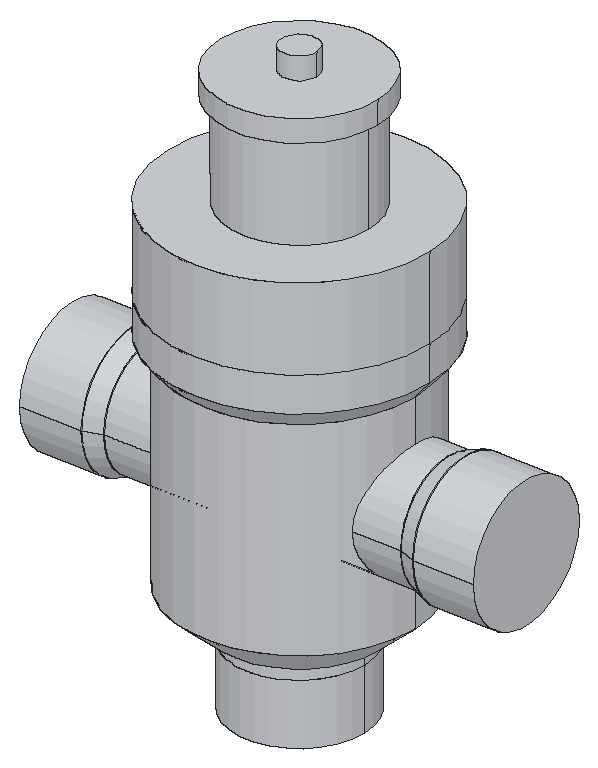
Revit family "VMX11P_DN15_PN16_RFA_2019", category Pipe Accessories, Revit 2019
Family settings
  Round Connector Dimension = Use Diameter
  Part Type = Valve - Breaks Into
  Work Plane-Based = No
  Always vertical = Yes
  Cut with Voids When Loaded = No
  Shared = No
Parameters (values of type "VMX11P G1/2  PN16 kvs0,6")
  magiProductId = ""
  magiProductFamilyId = ""
  magiPartTypeId = 320
  isMeasuringValve [instance] = no
  ang2D [instance] = 0.00°
  Z9 = 7 mm
  Z8 = 4 mm
  Z7__ve = -Z7  # -2.5 mm
  Z7 = 2.5 mm
  Z6 = 8.775 mm
  Z5 = 9.45 mm
  Z3 = 2 mm
  Z2 = 5 mm
  Z1 = 3.75 mm
  X4__ve = -X4  # -7 mm
  X4 = 7 mm
  X3 = 34 mm
  X1 = 5.2 mm
  W2D = 15 mm
  VersionID = ""
  Use Minimum Symbol Size [instance] = no
  URL = "www.hydronix.cz"
  Type Comments = "Závitový, vnější závit, ploché těsnění; LIN charakteristika; PN16; +5~+95°C; max.rychlost proudění 3,0 m/s"
  TL = 52 mm
  R9 = 9 mm
  R8 = 2 mm
  R7 = 15 mm
  R6 = 9 mm
  R5 = 10.214 mm
  R4 = 8.512 mm
  R3 = 7.5 mm
  R2 = 13.3 mm
  R10 = 8 mm
  R1 = 6.75 mm
  QmdConnectorList = "301;D;302;D;303;D"
  Productdata [instance] = ""
  Manufacturer = "Hydronix"
  MT = 1
  MC Product Code = "VMX11P (G1/2\"; dpmax=250kPa; kvs 0,6)"
  MC = yes
  LT2 = 19 mm
  L2D_Min = 30.48 mm
  L2D = 38 mm
  L = 38 mm
  H1 = 23.8 mm
  H = 27 mm
  E = 16 mm
  Description = "3 cestný regulační ventil malých spotřebičů, DN15; zdvih 2,5mm; max dp 250kPa; kvs0,6"
  DT2 = 7.5 mm
  D = 15 mm
  CS = no
  CAT0 = yes
  CAT = no
  C = 25 mm
  Assembly Code = ""
Types (8, lengths in mm): name | Z9 | Z6 | Z5 | Z2 | Z1 | X3 | X1 | W2D | TL | R6 | R5 | R4 | R3 | R2 | R1 | MC Product Code | LT2 | L2D | L | H1 | H | Description | DT2 | D | C
  VMX09P G1/2  PN16 kvs0,25 | 7 | 8.775 | 9.45 | 5 | 3.75 | 34 | 5.2 | 15 | 52 | 9 | 10.214 | 8.512 | 7.5 | 13.3 | 6.75 | "VMX09P (G1/2\"; dpmax=250kPa; kvs 0,25)" | 19 | 38 | 38 | 23.8 | 27 | "3 cestný regulační ventil malých spotřebičů, DN15; zdvih 2,5mm; max dp 250kPa; kvs0,25" | 7.5 | 15 | 25
  VMX10P G1/2  PN16 kvs0,4 | 7 | 8.775 | 9.45 | 5 | 3.75 | 34 | 5.2 | 15 | 52 | 9 | 10.214 | 8.512 | 7.5 | 13.3 | 6.75 | "VMX10P (G1/2\"; dpmax=250kPa; kvs 0,4)" | 19 | 38 | 38 | 23.8 | 27 | "3 cestný regulační ventil malých spotřebičů, DN15; zdvih 2,5mm; max dp 250kPa; kvs0,4" | 7.5 | 15 | 25
  VMX11P G1/2  PN16 kvs0,6 | 7 | 8.775 | 9.45 | 5 | 3.75 | 34 | 5.2 | 15 | 52 | 9 | 10.214 | 8.512 | 7.5 | 13.3 | 6.75 | "VMX11P (G1/2\"; dpmax=250kPa; kvs 0,6)" | 19 | 38 | 38 | 23.8 | 27 | "3 cestný regulační ventil malých spotřebičů, DN15; zdvih 2,5mm; max dp 250kPa; kvs0,6" | 7.5 | 15 | 25
  VMX12P G1/2  PN16 kvs1,0 | 7 | 8.775 | 9.45 | 5 | 3.75 | 34 | 5.2 | 15 | 52 | 9 | 10.214 | 8.512 | 7.5 | 13.3 | 6.75 | "VMX12P (G1/2\"; dpmax=250kPa; kvs 1,0)" | 19 | 38 | 38 | 23.8 | 27 | "3 cestný regulační ventil malých spotřebičů, DN15; zdvih 2,5mm; max dp 250kPa; kvs1,0" | 7.5 | 15 | 25
  VMX13P G1/2  PN16 kvs1,6 | 7 | 8.775 | 9.45 | 5 | 3.75 | 34 | 5.2 | 15 | 52 | 9 | 10.214 | 8.512 | 7.5 | 13.3 | 6.75 | "VMX13P (G1/2\"; dpmax=250kPa; kvs 1,6)" | 19 | 38 | 38 | 23.8 | 27 | "3 cestný regulační ventil malých spotřebičů, DN15; zdvih 2,5mm; max dp 250kPa; kvs1,6" | 7.5 | 15 | 25
  VMX21P G3/4  PN16 kvs2,5 | 8.8 | 8.45 | 9.1 | 6.8 | 5.1 | 38 | 5.6 | 20 | 56 | 12 | 11.29 | 9.408 | 10 | 14.7 | 9 | "VMX21P (G3/4\"; dpmax=150kPa; kvs 2,5)" | 21 | 42 | 42 | 29 | 26 | "3 cestný regulační ventil malých spotřebičů, DN20; zdvih 2,5mm; max dp 150kPa; kvs2,5" | 10 | 20 | 34
  VMX24P G3/4  PN16 kvs4,0 | 8.8 | 8.45 | 9.1 | 6.8 | 5.1 | 38 | 5.6 | 20 | 56 | 12 | 11.29 | 9.408 | 10 | 14.7 | 9 | "VMX24P (G3/4\";  dpmax A-AB=100kPa;  dpmax B-AB=40kPa;  kvs 4,0)" | 21 | 42 | 42 | 29 | 26 | "3 cestný regulační ventil malých spotřebičů, DN20; zdvih 2,5mm; max dp A-AB 100kPa; max dp B-AB 40kPa; kvs4,0" | 10 | 20 | 34
  VMX26P G3/4  PN16 kvs6,0 | 8.8 | 8.45 | 9.1 | 6.8 | 5.1 | 38 | 5.6 | 20 | 56 | 12 | 11.29 | 9.408 | 10 | 14.7 | 9 | "VMX26P (G3/4\";  dpmax A-AB=100kPa;  dpmax B-AB=40kPa;  kvs 6,0)" | 21 | 42 | 42 | 29 | 26 | "3 cestný regulační ventil malých spotřebičů, DN20; zdvih 2,5mm; max dp A-AB 100kPa; max dp B-AB 40kPa; kvs6,0" | 10 | 20 | 34
Reference planes
  plane 1 "Center (Front/Back)": y = 0
  plane 2 "XYPLANE": z = 0
  plane 3 "Center (Left/Right)": x = 0
  plane 4 "271": z = 38
  plane 5 "254": z = 11.55
  plane 6 "253": z = 17.55
  plane 7 "148": z = 40.5
  plane 8 "132": z = 43
  plane 9 "62": z = 13.55
  plane 10 "53": z = 27
  plane 11 "52": z = -12.25
  plane 12 "48": z = -16
  plane 13 "47": z = -18
  plane 14 "38": z = -23
  plane 15 "37": x = 17
  plane 16 "36": x = 19
  plane 17 "23": z = -25
  plane 18 "19": x = -17
  plane 19 "15": x = -19
  plane 20 "6": x = 26
  plane 21 "5": x = -26
  plane 22 "3": z = 0
  plane 23 "2": y = 0
  plane 24 "1": x = 0
Forms (mm)
  Extrusion 1, solid
    sketch origin (-750, 0, -25) x (1, 0, 0) y (0, 1, 0)
      loop
        circle (750, 0) r 7.5
    from 0 to 7 <- "Z9"
  Extrusion 2, solid, visible <- "CAT0"
    sketch origin (-750, 0, 43) x (1, 0, 0) y (0, 1, 0)
      loop
        circle (750, 0) r 2
    from 0 to -2.5 <- "Z7__ve"
  Extrusion 3, solid, visible <- "CAT0"
    sketch origin (-750, 0, 38) x (1, 0, 0) y (0, 1, 0)
      loop
        circle (750, 0) r 8
    from 0 to -19
  Extrusion 4, solid, visible <- "CAT0"
    sketch origin (-17, -750, 0) x (0, 1, 0) y (0, 0, 1)
      loop
        circle (750, 0) r 6.75
    from 0 to 34 <- "X3"
  Extrusion 5, solid
    sketch origin (-750, 0, 13.55) x (1, 0, 0) y (0, 1, 0)
      loop
        circle (750, 0) r 15
    from 0 to 4 <- "Z8"
  Extrusion 6, solid
    sketch origin (-750, 0, 40.5) x (1, 0, 0) y (0, 1, 0)
      loop
        circle (750, 0) r 9
    from 0 to -2.5 <- "Z7__ve"
  Extrusion 7, solid
    sketch origin (-750, 0, 17.55) x (1, 0, 0) y (0, 1, 0)
      loop
        circle (750, 0) r 15
    from 0 to 9.45 <- "Z5"
  Blend 8, solid
    base sketch origin (-750, 0, 11.55) x (1, 0, 0) y (0, 1, 0)
      loop
        circle (750, 0) r 13.3
    top sketch origin (-750, 0, 11.55) x (1, 0, 0) y (0, 1, 0)
      loop
        circle (750, 0) r 15
    from 0 to 2
  Blend 9, solid
    base sketch origin (-750, 0, -12.25) x (1, 0, 0) y (0, 1, 0)
      loop
        circle (750, 0) r 13.3
    top sketch origin (-750, 0, -12.25) x (1, 0, 0) y (0, 1, 0)
      loop
        circle (750, 0) r 9
    from 0 to -3.75
  Extrusion 10, solid
    sketch origin (-750, 0, -18) x (1, 0, 0) y (0, 1, 0)
      loop
        circle (750, 0) r 7.5
    from 0 to 2 <- "Z3"
  Extrusion 11, solid
    sketch origin (26, -750, 0) x (0, 1, 0) y (0, 0, 1)
      loop
        circle (750, 0) r 7.5
    from 0 to -7 <- "X4__ve"
  Blend 12, solid
    base sketch origin (19, -750, 0) x (0, 1, 0) y (0, 0, 1)
      loop
        circle (750, 0) r 7.5
    top sketch origin (19, -750, 0) x (0, 1, 0) y (0, 0, 1)
      loop
        circle (750, 0) r 6.75
    from 0 to -2
  Extrusion 13, solid
    sketch origin (-750, 0, -12.25) x (1, 0, 0) y (0, 1, 0)
      loop
        circle (750, 0) r 13.3
    from 0 to 23.8 <- "H1"
  Blend 14, solid
    base sketch origin (-19, -750, 0) x (0, 1, 0) y (0, 0, 1)
      loop
        circle (750, 0) r 7.5
    top sketch origin (-19, -750, 0) x (0, 1, 0) y (0, 0, 1)
      loop
        circle (750, 0) r 6.75
    from 0 to 2
  Extrusion 15, solid
    sketch origin (-26, -750, 0) x (0, 1, 0) y (0, 0, 1)
      loop
        circle (750, 0) r 7.5
    from 0 to 7 <- "X4"
  Extrusion 16, solid, not visible
    sketch origin (-750, 0, -18) x (1, 0, 0) y (0, 1, 0)
      loop
        circle (750, 0) r 10
    from 0 to 10
  Extrusion 17, solid, not visible
    sketch origin (19, -750, 0) x (0, 1, 0) y (0, 0, 1)
      loop
        circle (750, 0) r 10
    from 0 to -10
  Extrusion 18, solid, not visible
    sketch origin (-19, -750, 0) x (0, 1, 0) y (0, 0, 1)
      loop
        circle (750, 0) r 10
    from 0 to 10
Lines and regions (mm)
  reference lines, not visible
    curve 1: circle (2, 2, 0) r 1 normal (0, 0, 1)
Dimensions and locks
  plane 1 "Center (Front/Back)" to curve 1 = 2 mm
  "Z7": plane 7 "148" to plane 4 "271"
  "Z3": plane 9 "62" to plane 5 "254"
  "Z5": plane 10 "53" to plane 6 "253"
  "Z7": plane 8 "132" to plane 7 "148"
  "E": plane 10 "53" to plane 8 "132"
  "Z8": plane 6 "253" to plane 9 "62"
  "H": plane 2 "XYPLANE" to plane 10 "53"
  "Z1": plane 12 "48" to plane 11 "52"
  "Z3": plane 13 "47" to plane 12 "48"
  "Z2": plane 14 "38" to plane 13 "47"
  "Z3": plane 17 "23" to plane 14 "38"
  locked: plane 16 "36" to plane 15 "37" at 2
  "LT2": plane 3 "Center (Left/Right)" to plane 16 "36"
  "C": plane 2 "XYPLANE" to plane 17 "23"
  locked: plane 19 "15" to plane 18 "19" at 2
  "LT2": plane 3 "Center (Left/Right)" to plane 19 "15"
  "X4": plane 16 "36" to plane 20 "6"
  "X4": plane 19 "15" to plane 21 "5"
  locked: plane 2 "XYPLANE" to plane 22 "3"
  locked: plane 1 "Center (Front/Back)" to plane 23 "2"
  locked: plane 3 "Center (Left/Right)" to plane 24 "1"
  "DT2": radius of Extrusion 1 sketch curve
  "R8": radius of Extrusion 2 sketch curve
  "R10": radius of Extrusion 3 sketch curve
  "R1": radius of Extrusion 4 sketch curve
  "R7": radius of Extrusion 5 sketch curve
  "R9": radius of Extrusion 6 sketch curve
  "R7": radius of Extrusion 7 sketch curve
  "R7": radius of Blend 8 sketch curve
  "R2": radius of Blend 8 sketch curve
  "R6": radius of Blend 9 sketch curve
  "R2": radius of Blend 9 sketch curve
  "DT2": radius of Extrusion 10 sketch curve
  "DT2": radius of Extrusion 11 sketch curve
  "R1": radius of Blend 12 sketch curve
  "DT2": radius of Blend 12 sketch curve
  "R2": radius of Extrusion 13 sketch curve
  "R1": radius of Blend 14 sketch curve
  "DT2": radius of Blend 14 sketch curve
  "DT2": radius of Extrusion 15 sketch curve
  aligned and locked: level to plane 2 "XYPLANE"
  aligned and locked: plane 23 "2" to Extrusion 1 sketch curve
  aligned and locked: plane 24 "1" to Extrusion 1 sketch curve
  aligned and locked: plane 23 "2" to Extrusion 2 sketch curve
  aligned and locked: plane 24 "1" to Extrusion 2 sketch curve
  aligned and locked: plane 23 "2" to Extrusion 3 sketch curve
  aligned and locked: plane 24 "1" to Extrusion 3 sketch curve
  aligned and locked: plane 22 "3" to Extrusion 4 sketch curve
  aligned and locked: Extrusion 4 sketch curve to plane 23 "2"
  aligned and locked: plane 23 "2" to Extrusion 5 sketch curve
  aligned and locked: plane 24 "1" to Extrusion 5 sketch curve
  aligned and locked: plane 23 "2" to Extrusion 6 sketch curve
  aligned and locked: plane 24 "1" to Extrusion 6 sketch curve
  aligned and locked: plane 23 "2" to Extrusion 7 sketch curve
  aligned and locked: plane 24 "1" to Extrusion 7 sketch curve
  aligned and locked: plane 23 "2" to Blend 8 sketch curve  (x2)
  aligned and locked: plane 24 "1" to Blend 8 sketch curve  (x2)
  aligned and locked: plane 9 "62" to Blend 8
  aligned and locked: plane 23 "2" to Blend 9 sketch curve  (x2)
  aligned and locked: plane 24 "1" to Blend 9 sketch curve  (x2)
  aligned and locked: Blend 9 to plane 12 "48"
  aligned and locked: plane 23 "2" to Extrusion 10 sketch curve
  aligned and locked: plane 24 "1" to Extrusion 10 sketch curve
  aligned and locked: plane 22 "3" to Extrusion 11 sketch curve
  aligned and locked: Extrusion 11 sketch curve to plane 23 "2"
  aligned and locked: plane 22 "3" to Blend 12 sketch curve  (x2)
  aligned and locked: Blend 12 sketch curve to plane 23 "2"  (x2)
  aligned and locked: Blend 12 to plane 15 "37"
  aligned and locked: plane 23 "2" to Extrusion 13 sketch curve
  aligned and locked: plane 24 "1" to Extrusion 13 sketch curve
  aligned and locked: plane 22 "3" to Blend 14 sketch curve  (x2)
  aligned and locked: Blend 14 sketch curve to plane 23 "2"  (x2)
  aligned and locked: plane 18 "19" to Blend 14
  aligned and locked: plane 22 "3" to Extrusion 15 sketch curve
  aligned and locked: Extrusion 15 sketch curve to plane 23 "2"
  aligned and locked: plane 23 "2" to Extrusion 16 sketch curve
  aligned and locked: plane 24 "1" to Extrusion 16 sketch curve
  aligned and locked: plane 22 "3" to Extrusion 17 sketch curve
  aligned and locked: Extrusion 17 sketch curve to plane 23 "2"
  aligned and locked: plane 22 "3" to Extrusion 18 sketch curve
  aligned and locked: Extrusion 18 sketch curve to plane 23 "2"
Automatic sketch dimensions
  plane 1 "Center (Front/Back)" to Extrusion 16 sketch curve = 10 mm
  plane 1 "Center (Front/Back)" to Extrusion 17 sketch curve = 10 mm
  plane 1 "Center (Front/Back)" to Extrusion 18 sketch curve = 10 mm
  plane 3 "Center (Left/Right)" to curve 1 = 2 mm
  radius of curve 1 = 1 mm
Connectors
  piping at (-19, 0, 0), diameter 15, driven by "D"
    settings: on Extrusion 18, index 1, connector inside diameter 609.6 mm, connector length 0 mm, flow factor 0, pipe flow 0.0 L/s, pressure drop 0.0 Pa, fitting loss kfactor 0, connector angle 0.00°, fixture units 0, engagement length 0 mm, angle of deflection 0.00°, flow configuration 0, flow direction 0, fitting loss method 0, system type 29, joint type 0, gender type 0, connector reference index -1, connector utility 0, adjustable connector yes, is connector primary yes, connector description ""
  piping at (19, 0, 0), diameter 15, driven by "D"
    settings: on Extrusion 17, index 2, connector inside diameter 609.6 mm, connector length 0 mm, flow factor 0, pipe flow 0.0 L/s, pressure drop 0.0 Pa, fitting loss kfactor 0, connector angle 0.00°, fixture units 0, engagement length 0 mm, angle of deflection 0.00°, flow configuration 0, flow direction 0, fitting loss method 0, system type 29, joint type 0, gender type 0, connector reference index -1, connector utility 0, adjustable connector yes, is connector primary no, connector description ""
  piping at (0, 0, -18), diameter 15, driven by "D"
    settings: on Extrusion 16, index 3, connector inside diameter 609.6 mm, connector length 0 mm, flow factor 0, pipe flow 0.0 L/s, pressure drop 0.0 Pa, fitting loss kfactor 0, connector angle 0.00°, fixture units 0, engagement length 0 mm, angle of deflection 0.00°, flow configuration 0, flow direction 0, fitting loss method 0, system type 29, joint type 0, gender type 0, connector reference index -1, connector utility 0, adjustable connector yes, is connector primary no, connector description ""
